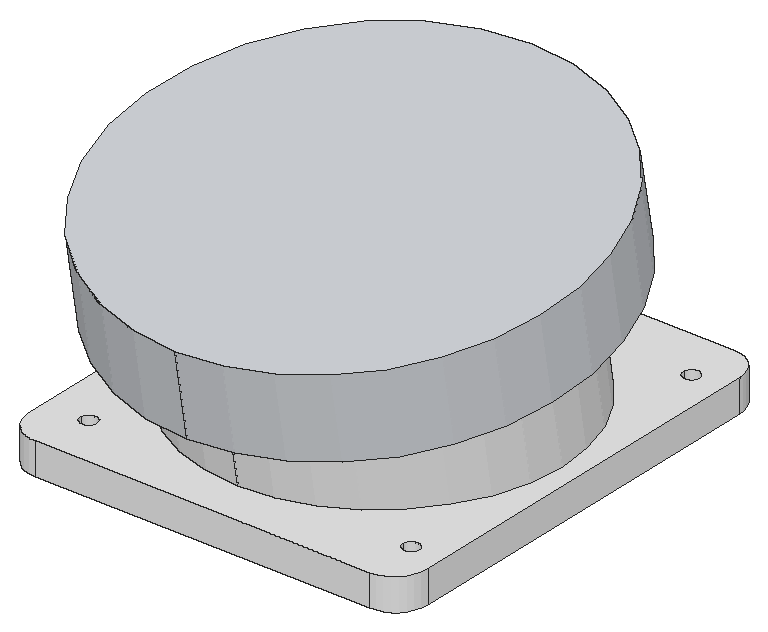
Revit family "Building-IEC309Connections-GEWISS-IEC309HP-10°_FLUSH-MOUNT_SOCKET_63A_IP66-67", category Apparecchi elettrici, host Superficie, Revit 2019
Family settings
  Host = Superficie
  Mantenere orientamento annotazione = Sì
  Quota connettore circolare = Usa diametro
  Tipo di parte = Normale
  Taglio con vuoti quando caricato = No
  Condiviso = No
  Punto di calcolo locali = Sì
Parameters (values of type "GW63269H - 10°FLUSH.S.O.HP IP67 2P+E 63A-250Vcc 8H")
  simbolo acceso [instance] = yes
  distanza_simbolo [instance] = 1 mm
  distanza dal piano [instance] = 0 mm
  W = 115 mm  # constant formula
  Voltaggio = 0 V
  Version file RFA = "21.11"
  URL = "https://www.gewiss.com/ww/en"
  Typology = "10° angled flush-mounting socket-outlet"
  Type of wiring = "Mantle terminal"
  Type of material = "Halogen-free in compliance with EN 60754-2"
  Total number of operations = "-2000"
  Thermo-pressure with ball = "125 °C (active parts) - 80 °C (passive parts)"
  Terminal tightening capacity = "6-16mm² flexible cables - 6-25mm² rigid cables"
  Technical sheet = "https://www.gewiss.com/ww/en/search?q=GW63269H"
  Spostamento_effettivo_S [instance] = 4000 mm - Spostamento_S  # 3050 mm
  Spostamento_S = 950 mm
  Sportello_visibile = yes
  Shock resistance = "IK09"
  SPinotto = Default(2)
  SEO = "Socket outlet"
  Reference h = "8"
  Realized by GEWISS S.p.A. = ""
  Rated voltage: = "-250 V"
  Rated current (A) = "63"
  Prospetto di default = 500 mm
  Produttore = "GEWISS S.p.A."
  Piastra = Default(2)
  Operating temperature: = "-25 +55 °C"
  No. of poles = "2P+E"
  N.poli = 1
  Model = "GW63269H"
  L = 155 mm  # constant formula
  Insulation resistance = "- 10 M?"
  Immagine tipo = (empty or 0)
  IP degree = "IP66/IP67"
  IDT = "f31e6adf160a4e7098cc0e80221f4c29"
  IDF = "10867db1-7908-4c65-8bee-f1d746e17607"
  Glow wire test: = "850 °C (active parts) - 650 °C (passive parts)"
  Frequency = "d.c."
  Flange dimensions (mm) = "110x100"
  FORMULA = 1000 mm * 1  # 1000 mm
  Electrocod = "2211"
  Description = "10°FLUSH.S.O.HP IP67 2P+E 63A >250Vcc 8H"
  Corpo centrale = Default(2)
  Colour: = "Grey"
  Characteristics = ""
  Catalogue = "BUILDING"
  COBie.Tagnumber = ""
  COBie.CreatedOn = ""
  COBie.CreatebBy = ""
  COBie.ComponentRegisterItemID = ""
  COBie.Component.TagNumber = ""
  COBie.Component.Space = ""
  COBie.Component.SerialNumber = ""
  COBie.Component.InstallationDate = ""
  COBie.Component.Description = ""
  COBie.Component.BarCode = ""
  Breaking capacity at 1.1 Un = "79A"
  BLOCCO = "B=C"
Types (27, lengths in mm): name | Technical sheet | Reference h | Rated voltage: | No. of poles | Model | IDT | Frequency | Description | Colour: | Characteristics
  GW63246H - 10°FLUSH.S.O.HP IP67 2P+E 63A 110V 4H | "https://www.gewiss.com/ww/en/search?q=GW63246H" | "4" | "100 - 130 V" | "2P+E" | "GW63246H" | "64373ac5fd5345248effe9ea556f403e" | "50/60 Hz" | "10°FLUSH.S.O.HP IP67 2P+E 63A 110V 4H" | "Yellow" | ""
  GW63247H - 10°FLUSH.S.O.HP IP67 3P+E 63A 110V 4H | "https://www.gewiss.com/ww/en/search?q=GW63247H" | "4" | "100 - 130 V" | "3P+E" | "GW63247H" | "96fff2f2b0d14c53a42f5cbcbe85e18c" | "50/60 Hz" | "10°FLUSH.S.O.HP IP67 3P+E 63A 110V 4H" | "Yellow" | ""
  GW63248H - 10°FLUSH.S.O.HP IP67 3P+N+E 63A 110V 4H | "https://www.gewiss.com/ww/en/search?q=GW63248H" | "4" | "100 - 130 V" | "3P+N+E" | "GW63248H" | "d0fdf3bd18f941a287cdd9c3bc56534c" | "50/60 Hz" | "10°FLUSH.S.O.HP IP67 3P+N+E 63A 110V 4H" | "Yellow" | ""
  GW63249H - 10°FLUSH.S.O.HP IP67 2P+E 63A 230V 6H | "https://www.gewiss.com/ww/en/search?q=GW63249H" | "6" | "200 - 250 V" | "2P+E" | "GW63249H" | "590c302058ee47b193fc130dc2678151" | "50/60 Hz" | "10°FLUSH.S.O.HP IP67 2P+E 63A 230V 6H" | "Blue" | ""
  GW63249PH - 10°FLUSH.S.O.HP IP67 2P+E 63A 230V 6H PC | "https://www.gewiss.com/ww/en/search?q=GW63249PH" | "6" | "200 - 250 V" | "2P+E" | "GW63249PH" | "6777cdde86e34b05afa117d8ca89d644" | "50/60 Hz" | "10°FLUSH.S.O.HP IP67 2P+E 63A 230V 6H PC" | "Blue" | "Pilot contact"
  GW63250H - 10°FLUSH.S.O.HP IP67 3P+E 63A 230V 9H | "https://www.gewiss.com/ww/en/search?q=GW63250H" | "9" | "200 - 250 V" | "3P+E" | "GW63250H" | "724f12282a7745d1b1d71ad95c7dc122" | "50/60 Hz" | "10°FLUSH.S.O.HP IP67 3P+E 63A 230V 9H" | "Blue" | ""
  GW63251H - 10°FLUSH.S.O.HP IP67 3P+N+E 63A 230V 9H | "https://www.gewiss.com/ww/en/search?q=GW63251H" | "9" | "200 - 250 V" | "3P+N+E" | "GW63251H" | "57373d4f788a4e2185e3be7ed1a3eb96" | "50/60 Hz" | "10°FLUSH.S.O.HP IP67 3P+N+E 63A 230V 9H" | "Blue" | ""
  GW63252H - 10°FLUSH.S.O.HP IP67 2P+E 63A 400V 9H | "https://www.gewiss.com/ww/en/search?q=GW63252H" | "9" | "380 - 415 V" | "2P+E" | "GW63252H" | "c1dc21a1ba424380b11c58b6eb3752e8" | "50/60 Hz" | "10°FLUSH.S.O.HP IP67 2P+E 63A 400V 9H" | "Red" | ""
  GW63253H - 10°FLUSH.S.O.HP IP67 3P+E 63A 400V 6H | "https://www.gewiss.com/ww/en/search?q=GW63253H" | "6" | "380 - 415 V" | "3P+E" | "GW63253H" | "769f8592287248289d4500e1675262f6" | "50/60 Hz" | "10°FLUSH.S.O.HP IP67 3P+E 63A 400V 6H" | "Red" | ""
  GW63253PH - 10°FLUSH.S.O.HP IP67 3P+E 63A 400V 6H PC | "https://www.gewiss.com/ww/en/search?q=GW63253PH" | "6" | "380 - 415 V" | "3P+E" | "GW63253PH" | "0666ebda405846109e46a50849688af2" | "50/60 Hz" | "10°FLUSH.S.O.HP IP67 3P+E 63A 400V 6H PC" | "Red" | "Pilot contact"
  GW63254H - 10°FLUSH.S.O.HP IP67 3P+N+E 63A 400V 6H | "https://www.gewiss.com/ww/en/search?q=GW63254H" | "6" | "346 - 415 V" | "3P+N+E" | "GW63254H" | "06785219332e43aaa5b252b5556ee789" | "50/60 Hz" | "10°FLUSH.S.O.HP IP67 3P+N+E 63A 400V 6H" | "Red" | ""
  GW63254PH - 10°FL.S.O.HP IP67 3P+N+E 63A 400V 6H PC | "https://www.gewiss.com/ww/en/search?q=GW63254PH" | "6" | "346 - 415 V" | "3P+N+E" | "GW63254PH" | "c7567ee8ac624c2e87592bcd6a4c51e8" | "50/60 Hz" | "10°FL.S.O.HP IP67 3P+N+E 63A 400V 6H PC" | "Red" | "Pilot contact"
  GW63255H - 10°FLUSH.S.O.HP IP67 3P+E 63A 500V 7H | "https://www.gewiss.com/ww/en/search?q=GW63255H" | "7" | "480 - 500 V" | "3P+E" | "GW63255H" | "a74f5f1c0d834135aefcf7329f393ffb" | "50/60 Hz" | "10°FLUSH.S.O.HP IP67 3P+E 63A 500V 7H" | "Black" | ""
  GW63256H - 10°FLUSH.S.O.HP IP67 3P+N+E 63A 500V 7H | "https://www.gewiss.com/ww/en/search?q=GW63256H" | "7" | "480 - 500 V" | "3P+N+E" | "GW63256H" | "b61eb6284d754539b853e3448a6bd979" | "50/60 Hz" | "10°FLUSH.S.O.HP IP67 3P+N+E 63A 500V 7H" | "Black" | ""
  GW63257H - 10°FLUSH.S.O.HP IP67 2P+E 63A 500V 7H | "https://www.gewiss.com/ww/en/search?q=GW63257H" | "7" | "480 - 500 V" | "2P+E" | "GW63257H" | "38b3edc20e7e4604946dd5b96bc01d56" | "50/60 Hz" | "10°FLUSH.S.O.HP IP67 2P+E 63A 500V 7H" | "Black" | ""
  GW63258H - 10°FLUSH.S.O.HP IP67 3P+E 63A 690V 5H | "https://www.gewiss.com/ww/en/search?q=GW63258H" | "5" | "600 - 690 V" | "3P+E" | "GW63258H" | "d70c01c4ad544787a6cc34f018b554c1" | "50/60 Hz" | "10°FLUSH.S.O.HP IP67 3P+E 63A 690V 5H" | "Black" | ""
  GW63259H - 10°FLUSH.S.O.HP IP67 3P+N+E 63A 690V 5H | "https://www.gewiss.com/ww/en/search?q=GW63259H" | "5" | "600 - 690 V" | "3P+N+E" | "GW63259H" | "9395ad7f9e8d432299ec69dac31f8194" | "50/60 Hz" | "10°FLUSH.S.O.HP IP67 3P+N+E 63A 690V 5H" | "Black" | ""
  GW63260H - 10°FLUSH.S.O.HP IP67 2P+E 63A-50V 10H | "https://www.gewiss.com/ww/en/search?q=GW63260H" | "10" | "-50 V" | "2P+E" | "GW63260H" | "0c2841780ee94c02af126f3014c55105" | "100 - 300 Hz" | "10°FLUSH.S.O.HP IP67 2P+E 63A >50V 10H" | "Green" | ""
  GW63261H - 10°FLUSH.S.O.HP IP67 3P+E 63A-50V 10H | "https://www.gewiss.com/ww/en/search?q=GW63261H" | "10" | "-50 V" | "3P+E" | "GW63261H" | "1290900aa11448b28a0f71ef3db6efdf" | "100 - 300 Hz" | "10°FLUSH.S.O.HP IP67 3P+E 63A >50V 10H" | "Green" | ""
  GW63262H - 10°FLUSH.S.O.HP IP67 3P+N+E 63A-50V 10H | "https://www.gewiss.com/ww/en/search?q=GW63262H" | "10" | "-50 V" | "3P+N+E" | "GW63262H" | "946f4d0326224ca1bf81d29c6a9ba316" | "100 - 300 Hz" | "10°FLUSH.S.O.HP IP67 3P+N+E 63A >50V 10H" | "Green" | ""
  GW63263H - 10°FLUSH.S.O.HP IP67 2P+E 63A-50V 2H | "https://www.gewiss.com/ww/en/search?q=GW63263H" | "2" | "-50 V" | "2P+E" | "GW63263H" | "b8ad0c41e2d748ff9f7afd136abeff2f" | "-300 - 500 Hz" | "10°FLUSH.S.O.HP IP67 2P+E 63A >50V 2H" | "Green" | ""
  GW63264H - 10°FLUSH.S.O.HP IP67 3P+E 63A-50V 2H | "https://www.gewiss.com/ww/en/search?q=GW63264H" | "2" | "-50 V" | "3P+E" | "GW63264H" | "db84880caa4d4de2bb52969cf19a798b" | "-300 - 500 Hz" | "10°FLUSH.S.O.HP IP67 3P+E 63A >50V 2H" | "Green" | ""
  GW63265H - 10°FLUSH.S.O.HP IP67 3P+N+E 63A-50V 2H | "https://www.gewiss.com/ww/en/search?q=GW63265H" | "2" | "-50 V" | "3P+N+E" | "GW63265H" | "99533b0e57f246a4b07afcb182b23db5" | "-300 - 500 Hz" | "10°FLUSH.S.O.HP IP67 3P+N+E 63A >50V 2H" | "Green" | ""
  GW63266H - 10°FL.S.O.HP IP67 3P+E 63A 440÷460V 11H | "https://www.gewiss.com/ww/en/search?q=GW63266H" | "11" | "440 - 460 V" | "3P+E" | "GW63266H" | "66f0d861c6154ce8b9f98feb3c89eacd" | "60 Hz" | "10°FL.S.O.HP IP67 3P+E 63A 440÷460V 11H" | "Red" | ""
  GW63267H - 10°FL.S.O.HP IP67 3P+N+E 63A440÷460V11H | "https://www.gewiss.com/ww/en/search?q=GW63267H" | "11" | "440 - 460 V" | "3P+N+E" | "GW63267H" | "81e3b2d1e5be4bf19c3afb40f5f958ea" | "60 Hz" | "10°FL.S.O.HP IP67 3P+N+E 63A440÷460V11H" | "Red" | ""
  GW63268H - 10°FL.S.O.HP IP67 2P+E 63A-50÷250Vcc3H | "https://www.gewiss.com/ww/en/search?q=GW63268H" | "3" | "-50 - 250 V" | "2P+E" | "GW63268H" | "1f7de29cd3b2492d916bfb5dd67cf8a2" | "d.c." | "10°FL.S.O.HP IP67 2P+E 63A >50÷250Vcc3H" | "Grey" | ""
  GW63269H - 10°FLUSH.S.O.HP IP67 2P+E 63A-250Vcc 8H | "https://www.gewiss.com/ww/en/search?q=GW63269H" | "8" | "-250 V" | "2P+E" | "GW63269H" | "f31e6adf160a4e7098cc0e80221f4c29" | "d.c." | "10°FLUSH.S.O.HP IP67 2P+E 63A >250Vcc 8H" | "Grey" | ""
Reference planes
  plane 1 "Centro (Fronte/Retro)": y = 0
  plane 2: z = 0
  plane 3 "Centro (Sinistra/Destra)": x = 0
  plane 4: x = -3000
  plane 5: x = 50
  plane 6: z = 0
Dimensions and locks
  plane 4 to plane 3 "Centro (Sinistra/Destra)" = 3000 mm
  "Spostamento_effettivo_S": plane 4 to plane 5
  "distanza dal piano": plane 6 to plane 2
  aligned and locked: plane 2 to host face
  aligned and locked: level to host face
  aligned and locked: plane 3 "Centro (Sinistra/Destra)" to nested 1
  aligned and locked: plane 1 "Centro (Fronte/Retro)" to nested 1
  aligned and locked: nested 2 to plane 5
Automatic sketch dimensions
  host sketch curve to host sketch curve = 2438.4 mm  (x2)
Nested families
  nested 1: "IEC309 PRESE FISSE INCASSO 10' 63A IP66-67_base" at (0, 0, 0), type "IEC309 PRESE FISSE INCASSO 10' 63A IP66-67_base"
  nested 2: "GWGW62201FH - SIMBOLO_PRESA" at (50, 171.559, 0), visible <- "simbolo acceso", Distanza dal muro <- "distanza_simbolo", type "3P"
    with SIMBOLO ACCESO yes, Distanza dal muro 1 mm
Connectors
  electrical at (37.5, 30, 0), driven by "N.poli", driven by "Voltaggio"
    settings: on nested 1, index 1, voltage 0 V, apparent load 0 VA, apparent load phase1 0 VA, apparent load phase2 0 VA, apparent load phase3 0 VA, power factor 1, load classification "Altro", number of poles 1, system type 31, power factor state 1, is connector primary yes, connector utility no, sub classification motor no, connector description ""
Definition of nested family "IEC309 PRESE FISSE INCASSO 10' 63A IP66-67_base"
  Parameters (values of type "IEC309 PRESE FISSE INCASSO 10' 63A IP66-67_base")
    sp_ghiera = 16 mm
    r2 = 39 mm
    h = 114 mm  # constant formula
    dis_base = 71 mm
    Sportello = yes
    Spinotto = none
    R1 = 45 mm
    PIASTRA = none
    Lunghezza totale = 140 mm
    CENTRALE = none
    Bsae = 100 mm  # constant formula
  Reference planes
    plane 1 "Centro (Fronte/Retro)": y = 0
    plane 2: z = 0
    plane 3 "Centro (Sinistra/Destra)": x = 0
    plane 4: x = 100
    plane 5: y = 13
    plane 6: x = 92
    plane 7: y = 101
    plane 8: y = 114
    plane 9: z = 8.057
    plane 10: z = 23.239
    plane 11: y = 55
    plane 12: x = 50
  Forms (mm)
    Extrusion 1, solid, material <- "PIASTRA"
      sketch origin (0, 0, 0) x (1, 0, 0) y (0, 1, 0)
        loop
          arc (8, 114) -> (2.343, 111.657) -> (0, 106) r 8
          line (0, 106) -> (0, 8)
          arc (0, 8) -> (2.343, 2.343) -> (8, 0) r 8
          line (8, 0) -> (92, 0)
          arc (92, 0) -> (97.657, 2.343) -> (100, 8) r 8
          line (100, 8) -> (100, 106)
          arc (100, 106) -> (97.657, 111.657) -> (92, 114) r 8
          line (92, 114) -> (8, 114)
      from 0 to 8.057
    Extrusion 2, void
      sketch origin (0, 0, 0) x (1, 0, 0) y (0, 1, 0)
        loop
          circle (11, 101) r 2.072
        loop
          circle (92, 101) r 2.072
        loop
          circle (11, 13) r 2.072
        loop
          circle (92, 13) r 2.072
      from 0 to 8.057
    Sweep 3, solid
      path origin (0, 22.5, 4.375) x (0, 1, 0) y (0, 0, 1)
        loop
          line (31.399, 31.724) -> (27.61, 52.968)
      profile origin (0, 52.005, 46.721) x (0, -0.98447, -0.175554) y (1, 0, 0)
        loop
          circle (2.861, 50) r 57
    Sweep 4, solid, material <- "PIASTRA"
      path origin (0, 19.375, 5) x (0, 1, 0) y (0, 0, 1)
        loop
          line (31.823, 29.346) -> (37.947, -5)
      profile origin (0, 54.26, 17.173) x (0, 0.98447, 0.175554) y (1, 0, 0)
        loop
          circle (0.728, 50) r 45
    Extrusion 5, solid
      sketch origin (0, 0, 0) x (0, 1, 0) y (0, 0, 1)
        loop
          line (87.879, 27.406) -> (91.291, 8.057) -> (107.891, 8.057) -> (114.358, 20.197)
          arc (114.358, 20.197) -> (115.047, 22.576) -> (114.715, 25.03) r 6
          arc (114.715, 25.03) -> (112.556, 29.598) -> (107.674, 30.897) r 6
          line (107.674, 30.897) -> (87.879, 27.406)
      from 33.937 to 42.078
    Extrusion 6, solid
      sketch origin (0, 0, 0) x (0, 1, 0) y (0, 0, 1)
        loop
          line (114.624, 26.03) -> (113.322, 33.416)
          arc (113.322, 33.416) -> (112.705, 34.384) -> (111.585, 34.633) r 1.5
          line (111.585, 34.633) -> (109.124, 34.199) -> (108.683, 36.66) -> (102.976, 35.653) -> (102.699, 37.229) -> (96.374, 36.114) -> (99.035, 29.374) -> (107.674, 30.897)
          arc (107.674, 30.897) -> (112.157, 29.903) -> (114.624, 26.03) r 6
      from 42.078 to 57.922
    Extrusion 7, solid
      sketch origin (100, 0, 0) x (0, 1, 0) y (0, 0, -1)
        loop
          line (87.879, -27.406) -> (107.674, -30.897)
          arc (107.674, -30.897) -> (112.556, -29.598) -> (114.715, -25.03) r 6
          arc (114.715, -25.03) -> (115.047, -22.576) -> (114.358, -20.197) r 6
          line (114.358, -20.197) -> (107.891, -8.057) -> (91.291, -8.057) -> (87.879, -27.406)
      from 33.937 to 42.078
  Cuts and joins
    Extrusion 2 cuts Extrusion 1
    joined: Extrusion 1, Sweep 4
  Dimensions and locks
    "Bsae": plane 3 "Centro (Sinistra/Destra)" to plane 4
    locked: plane 6 to plane 4 at 8
    "h": plane 1 "Centro (Fronte/Retro)" to plane 8
    plane 3 "Centro (Sinistra/Destra)" to plane 4 = 100 mm
    locked: plane 9 to level at 8.057
    plane 10 to plane 9 = 15.181 mm
    plane 8 to plane 7 = 13 mm
    equal spacing: plane 3 "Centro (Sinistra/Destra)", plane 12, plane 4
    radius of Extrusion 1 sketch curve = 8 mm  (x4)
    "R1": radius of Sweep 4 sketch curve
    aligned and locked: level to plane 2
    aligned and locked: plane 8 to Extrusion 1
    aligned and locked: Extrusion 1 to plane 3 "Centro (Sinistra/Destra)"
    aligned and locked: plane 1 "Centro (Fronte/Retro)" to Extrusion 1
    aligned and locked: Extrusion 1 to plane 4
    aligned and locked: plane 7 to Extrusion 2 sketch curve  (x2)
    aligned and locked: plane 6 to Extrusion 2 sketch curve  (x2)
    aligned and locked: Extrusion 2 sketch curve to plane 5
    aligned and locked: plane 5 to Extrusion 2 sketch curve
    aligned and locked: plane 12 to Sweep 4 sketch curve
  Automatic sketch dimensions
    Extrusion 1 sketch curve to plane 3 "Centro (Sinistra/Destra)" = 0 mm
    Extrusion 1 sketch curve to plane 6 = 0 mm
    plane 1 "Centro (Fronte/Retro)" to Extrusion 1 sketch curve = 0 mm
    Extrusion 1 sketch curve to plane 8 = 0 mm
    plane 3 "Centro (Sinistra/Destra)" to Extrusion 2 sketch curve = 11 mm  (x2)
    Sweep 3 sketch curve to plane 11 = 4.89 mm
    Sweep 3 sketch curve to plane 11 = 1.101 mm
    plane 10 to Sweep 3 sketch curve = 12.86 mm
    Sweep 3 sketch curve to Sweep 3 sketch curve = 21.244 mm
    Sweep 3 sketch curve to profile plane = 2.861 mm
    plane 3 "Centro (Sinistra/Destra)" to Sweep 3 sketch curve = 50 mm
    Sweep 4 sketch curve to level = 0 mm
    Sweep 4 sketch curve to plane 11 = 3.802 mm
    plane 11 to Sweep 4 sketch curve = 2.322 mm
    plane 10 to Sweep 4 sketch curve = 11.107 mm
    Extrusion 5 sketch curve to plane 9 = 0 mm
    plane 10 to Extrusion 5 sketch curve = 4.168 mm
    Extrusion 5 sketch curve to plane 7 = 13.121 mm
    Extrusion 5 sketch curve to plane 7 = 9.709 mm
    Extrusion 5 sketch curve to plane 8 = 6.109 mm
    plane 10 to Extrusion 5 sketch curve = 1.749 mm
    Extrusion 5 sketch curve to plane 8 = 5.284 mm
    Extrusion 5 sketch curve to plane 10 = 0.221 mm
    Extrusion 5 sketch curve to Extrusion 5 sketch curve = 0.347 mm
    Extrusion 5 sketch curve to Extrusion 5 sketch curve = 1.042 mm
    Extrusion 5 sketch curve to Extrusion 5 sketch curve = 0 mm  (x4)
    plane 8 to Extrusion 5 sketch curve = 0.358 mm
    plane 8 to Extrusion 5 sketch curve = 0.715 mm
    Extrusion 5 sketch curve to plane 10 = 3.042 mm
    Extrusion 6 sketch curve to plane 7 = 4.626 mm
    Extrusion 6 sketch curve to plane 7 = 1.965 mm
    plane 7 to Extrusion 6 sketch curve = 1.699 mm
    Extrusion 6 sketch curve to Extrusion 6 sketch curve = 0.278 mm
    Extrusion 6 sketch curve to plane 8 = 5.317 mm
    plane 10 to Extrusion 6 sketch curve = 1.749 mm
    Extrusion 6 sketch curve to plane 8 = 5.284 mm
    Extrusion 6 sketch curve to Extrusion 6 sketch curve = 0.44 mm
    Extrusion 6 sketch curve to plane 8 = 2.155 mm
    plane 10 to Extrusion 6 sketch curve = 6.135 mm
    Extrusion 6 sketch curve to Extrusion 6 sketch curve = 8.168 mm
    Extrusion 6 sketch curve to Extrusion 6 sketch curve = 1.043 mm
    Extrusion 6 sketch curve to Extrusion 6 sketch curve = 1.455 mm
    Extrusion 6 sketch curve to Extrusion 6 sketch curve = 0.461 mm
    Extrusion 6 sketch curve to Extrusion 6 sketch curve = 2.461 mm
    Extrusion 6 sketch curve to Extrusion 6 sketch curve = 1.576 mm
    Extrusion 6 sketch curve to Extrusion 6 sketch curve = 1.45 mm
    Extrusion 6 sketch curve to Extrusion 6 sketch curve = 0 mm  (x8)
    Extrusion 6 sketch curve to Extrusion 6 sketch curve = 0.261 mm
    Extrusion 6 sketch curve to plane 8 = 0.678 mm
    plane 8 to Extrusion 6 sketch curve = 0.624 mm
    plane 10 to Extrusion 6 sketch curve = 2.791 mm
    Extrusion 6 sketch curve to Extrusion 6 sketch curve = 0.26 mm
    Extrusion 7 sketch curve to plane 9 = 0 mm
    plane 10 to Extrusion 7 sketch curve = 4.168 mm
    Extrusion 7 sketch curve to plane 7 = 13.121 mm
    Extrusion 7 sketch curve to plane 7 = 9.709 mm
    Extrusion 7 sketch curve to plane 8 = 6.109 mm
    plane 10 to Extrusion 7 sketch curve = 1.749 mm
    Extrusion 7 sketch curve to plane 8 = 5.284 mm
    Extrusion 7 sketch curve to plane 10 = 0.221 mm
    Extrusion 7 sketch curve to Extrusion 7 sketch curve = 0.347 mm
    Extrusion 7 sketch curve to Extrusion 7 sketch curve = 1.042 mm
    Extrusion 7 sketch curve to Extrusion 7 sketch curve = 0 mm  (x4)
    plane 8 to Extrusion 7 sketch curve = 0.358 mm
    plane 8 to Extrusion 7 sketch curve = 0.715 mm
    Extrusion 7 sketch curve to Extrusion 7 sketch curve = 5.909 mm
    Sweep 4 sketch curve to profile plane = 0.728 mm
    radius of Extrusion 2 sketch curve = 2.072 mm  (x4)
    radius of Sweep 3 sketch curve = 57 mm
Definition of nested family "GWGW62201FH - SIMBOLO_PRESA"
  Parameters (values of type "3P")
    SIMBOLO ACCESO [instance] = yes
    Distanza dal muro [instance] = 0 mm
  Reference planes
    plane 1: y = 0
    plane 2: x = 0
  Dimensions and locks
    "Distanza dal muro": plane 1 to nested 1
    aligned and locked: plane 2 to nested 1
  Nested families
    nested 1: "GWGW62201FH - SIMBOLO" at (0, 0, 0), visible <- "SIMBOLO ACCESO", type "3P"
  Definition of nested family "GWGW62201FH - SIMBOLO"
    Parameters (values of type "3P")
      CORNICE SIMBOLO [instance] = yes
      3P = yes
    Reference planes
      plane 1: y = 0
      plane 2: x = 0
    Lines and regions (mm)
      detail lines
        curve 1: circle (-0.314, 0.674, 0) r 0.057 normal (0, 0, 1)
        curve 2: arc (0.346, -0.009, 0) -> (0, 0.337, 0) -> (-0.346, -0.009, 0) r 0.346
        curve 3: line (0, 0.337, 0) -> (0.346, 0.337, 0)
        curve 4: line (0, 3.386, 0) -> (0, 0.337, 0)
        curve 5: line (0, 0.337, 0) -> (-0.314, 0.674, 0)
